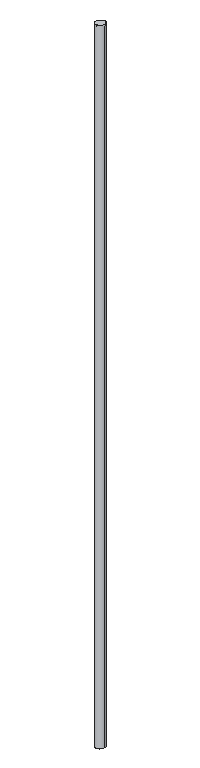
Revit family "Gewindestangen 1 m, fvz", category HLS-Bauteile, Revit 2017
Family settings
  Bemaßung runder Anschluss = Durchmesser verwenden
  Teiletyp = Normal
  Arbeitsebenenbasiert = Nein
  Immer vertikal = Nein
  Beim Laden mit Abzugskörper schneiden = Nein
  Gemeinsam genutzt = Ja
  Raumberechnungspunkt = Nein
Parameters
  vpe = "10 St"
  Regelhalter [instance] = ""
  Montagelänge = 1000 mm
  Mengeneinheit = "St"
  Material = "Stahl"
  Länge = 1000 mm
  Kurztext2 = "M16 x 1000 mm fvz FK 8.8"
  Kurztext1 = "Gewindestange DIN 976-1"
  Gewinde = "M16"
  Gewicht pro Stück = (Gewicht * Montagelänge / (1000 mm * 1000)) * 1000  # 1.306 kg
  Gewicht pro Bauteil = Gewicht pro Stück  # 1.306 kg
  Gewicht = 1.306 kg
  Festigkeitsklasse = "8.8"
  Fabrikat = "MEFA"
  EAN = "4250928457073"
  D = 13.6 mm
  Artikelnummer = "0739162/fvz"
Types (4, lengths in mm): name | vpe | Kurztext2 | Gewinde | Gewicht pro Stück | Gewicht pro Bauteil | Gewicht | EAN | D | Artikelnummer
  (no name) | "10 St" | "M16 x 1000 mm fvz FK 8.8" | "M16" | 1.306 kg | 1.306 kg | 1.306 kg | "4250928457073" | 13.6 | "0739162/fvz"
  Gewindestange M10x1000, fvz | "25 St" | "M10 x 1000 mm fvz FK 8.8" | "M10" | 0.51 kg | 0.51 kg | 0.51 kg | "4250928457059" | 8.2 | "0739103/fvz"
  Gewindestange M12x1000, fvz | "25 St" | "M12 x 1000 mm fvz FK 8.8" | "M12" | 0.735 kg | 0.735 kg | 0.735 kg | "4250928457066" | 9.9 | "0739137/fvz"
  Gewindestange M16x1000, fvz | "10 St" | "M16 x 1000 mm fvz FK 8.8" | "M16" | 1.306 kg | 1.306 kg | 1.306 kg | "4250928457073" | 13.6 | "0739162/fvz"
Reference planes
  plane 1 "Mitte (Vorne/hinten)": y = 0
  plane 2: z = 0
  plane 3 "Mitte (Links/rechts)": x = 0
  plane 4: z = 1000
Forms (mm)
  Extrusion 1, solid
    sketch origin (0, 0, 0) x (1, 0, 0) y (0, 1, 0)
      loop
        circle (0, 0) r 6.8
    from 0 to 1000
Lines and regions (mm)
  model lines, not visible
    curve 1: line (9.299, 0, 1000) -> (-10.701, 0, 1000)
    curve 2: line (0, 15.717, 1000) -> (0, -4.283, 1000)
    curve 3: line (0, 10.717, 0) -> (0, -9.283, 0)
    curve 4: line (6.799, 0, 0) -> (-13.201, 0, 0)
    curve 5: line (0, 0, 1067.337) -> (0, 0, -112.663)
Dimensions and locks
  "Montagelänge": level to plane 4
  "D": diameter of Extrusion 1 sketch curve
  aligned and locked: level to plane 2
  aligned and locked: Extrusion 1 to level
  aligned and locked: Extrusion 1 to curve 1
  aligned and locked: plane 4 to Extrusion 1
  aligned and locked: curve 2 to plane 4
  aligned and locked: curve 3 to level
  aligned and locked: curve 4 to level
  aligned and locked: plane 3 "Mitte (Links/rechts)" to curve 5
  aligned and locked: curve 5 to plane 1 "Mitte (Vorne/hinten)"
Automatic sketch dimensions
  plane 1 "Mitte (Vorne/hinten)" to curve 2 = 4.283 mm
  plane 1 "Mitte (Vorne/hinten)" to curve 3 = 9.283 mm
  curve 3 to plane 1 "Mitte (Vorne/hinten)" = 10.717 mm
  curve 2 to plane 1 "Mitte (Vorne/hinten)" = 15.717 mm
  curve 4 to plane 3 "Mitte (Links/rechts)" = 13.201 mm
  curve 1 to plane 3 "Mitte (Links/rechts)" = 10.701 mm
  plane 3 "Mitte (Links/rechts)" to curve 4 = 6.799 mm
  plane 3 "Mitte (Links/rechts)" to curve 1 = 9.299 mm
  curve 5 to level = 112.663 mm
  plane 4 to curve 5 = 67.337 mm
  plane 1 "Mitte (Vorne/hinten)" to Extrusion 1 sketch curve = 0 mm
  Extrusion 1 sketch curve to plane 3 "Mitte (Links/rechts)" = 0 mm
